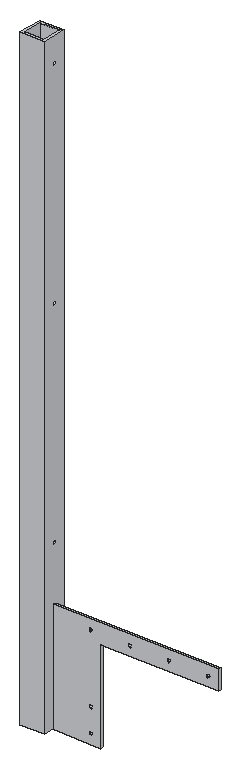
Revit family "051610_Side Guardrail Post CB", category Generic Models, Revit 2018
Family settings
  Can host rebar = No
  Round Connector Dimension = Use Diameter
  Part Type = Normal
  Work Plane-Based = No
  Always vertical = Yes
  Cut with Voids When Loaded = No
  Shared = No
  Room Calculation Point = No
Reference planes
  plane 1 "Center (Front/Back)": y = 0
  plane 2: z = 0
  plane 3 "Center (Left/Right)": x = 0
  plane 4: x = 50
  plane 5: x = 150
  plane 6: x = 390
  plane 7: z = 190
  plane 8: z = 230
  plane 9: z = 210
  plane 10: x = 370
  plane 11: x = 290
  plane 12: x = 210
  plane 13: x = 130
  plane 14: z = 20
  plane 15: z = 70
  plane 16: y = -5
  plane 17: y = -25
  plane 18: y = 25
  plane 19: z = 1270
  plane 20: z = 1220
  plane 21: z = 780
  plane 22: z = 340
Forms (mm)
  Extrusion 1, solid
    sketch origin (0, 0, 0) x (1, 0, 0) y (0, 0, 1)
      loop
        line (390, 230) -> (50, 230) -> (50, 0) -> (150, 0) -> (150, 190) -> (390, 190) -> (390, 230)
      loop
        circle (370, 210) r 3.5
      loop
        circle (290, 210) r 3.5
      loop
        circle (210, 210) r 3.5
      loop
        circle (130, 210) r 3.5
      loop
        circle (130, 70) r 3.5
      loop
        circle (130, 20) r 3.5
    from 0 to 5
  Extrusion 2, solid
    sketch origin (0, 0, 0) x (1, 0, 0) y (0, 1, 0)
      loop
        line (0, 25) -> (0, -25) -> (50, -25) -> (50, 25) -> (0, 25)
      loop
        line (45, 20) -> (5, 20) -> (5, -20) -> (45, -20) -> (45, 20)
    from 0 to 1270
  Extrusion 3, void
    sketch origin (0, 0, 0) x (0, 1, 0) y (0, 0, 1)
      loop
        circle (0, 1220) r 4.5
      loop
        circle (0, 780) r 4.5
      loop
        circle (0, 340) r 4.5
    from 0 to 50
Cuts and joins
  Extrusion 3 cuts Extrusion 2
Dimensions and locks
  plane 1 "Center (Front/Back)" to Extrusion 2 = 25 mm
  aligned and locked: level to plane 2
